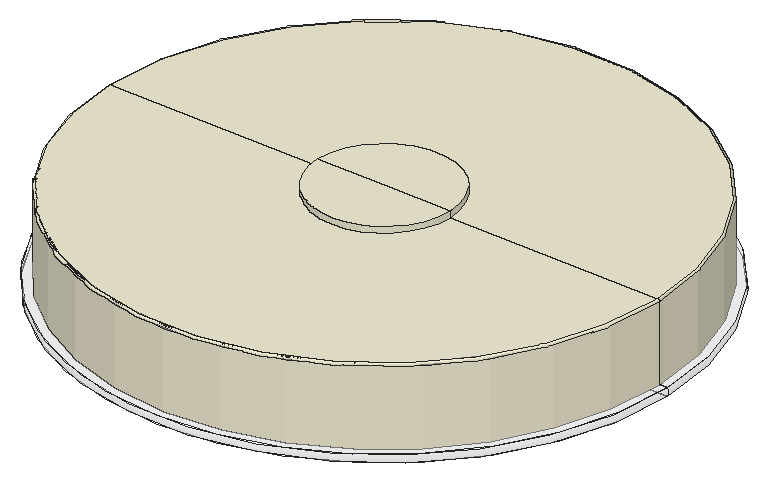
Revit family "32-664-xx Dione Ceiling mount", category Lighting Fixtures, host Ceiling, Revit 2018
Family settings
  Host = Ceiling
  Round Connector Dimension = Use Diameter
  Part Type = Normal
  OmniClass Number = 23.80.70.11
  OmniClass Title = Luminaries for Internal Lighting
  Always vertical = Yes
  Cut with Voids When Loaded = No
  Light Source = Yes
  Shared = No
  Room Calculation Point = No
Parameters (values of type "32-664-24b / Satin Nickel - Frosted Glass")
  Wattage Comments = "1 x 9.9 W at 120 V"  # constant formula
  Wattage = 9.2903 W
  built-in parameter 1150110 = 1 (stored number, unit not read)
  Voltage Input = "120 V or 277 V - 50/60 Hz"  # constant formula
  Voltage = 120 V
  URL = "www.oxygenlighting.com"
  built-in parameter 1114217 = 1 (stored number, unit not read)
  built-in parameter 1150109 = 1 (stored number, unit not read)
  built-in parameter 1150134 = (empty or 0)
  built-in parameter 1150113 = 1 (stored number, unit not read)
  References = "Ref. 3 = 120 V / Ref. 37 = 277 V"  # constant formula
  Model = "32-664-xx / Dione Ceiling Mount"  # constant formula
  Metal Finish = 24 - Satin Nickel
  Manufacturer = "Oxygen Lighting and Fans"  # constant formula
  Main Diffuser = Frosted Glass
  Lumens = 1380 lm
  built-in parameter 1150115 = 1 (stored number, unit not read)
  built-in parameter 1150105 = 109.82 (stored number, unit not read)
  Light Source Symbol Size = 24.00"
  built-in parameter 1150137 = (empty or 0)
  built-in parameter 1150139 = (empty or 0)
  built-in parameter 1150112 = 1 (stored number, unit not read)
  built-in parameter 1150114 = 1 (stored number, unit not read)
  Lamp = "LED Array"  # constant formula
  built-in parameter 1150132 = 2
  built-in parameter 1150102 = (empty or 0)
  built-in parameter 1150138 = (empty or 0)
  built-in parameter 1150107 = 3000 (stored number, unit not read)
  built-in parameter 1150106 = 1.0982 (stored number, unit not read)
  built-in parameter 1150104 = 13.8 (stored number, unit not read)
  Dimming Lamp Color Temperature Shift = <None>
  Color Filter = 16777215
  built-in parameter 1114218 = 1 (stored number, unit not read)
  built-in parameter 1150133 = 10 (stored number, unit not read)
Reference planes (in)
  plane 1 "Light Source Axis (F/B)": y = 0
  plane 2: z = 0
  plane 3 "Light Source Axis (L/R)": x = 0
  plane 4 "Ceiling": z = 157.48031
  plane 5 "Light Source Elevation": z = 156.1378
Dimensions and locks (in)
  equal spacing: host sketch curve, plane 3 "Light Source Axis (L/R)", host sketch curve
  equal spacing: host sketch curve, plane 1 "Light Source Axis (F/B)", host sketch curve
  host sketch curve to host sketch curve = 157.48031"  (x2)
  plane 4 "Ceiling" to host ceiling = 0.00"
  locked: plane 5 "Light Source Elevation" to plane 4 "Ceiling" at 1.34252
  aligned and locked: plane 3 "Light Source Axis (L/R)" to imposter light
  aligned and locked: plane 1 "Light Source Axis (F/B)" to imposter light
  aligned and locked: plane 5 "Light Source Elevation" to imposter light
  aligned and locked: plane 3 "Light Source Axis (L/R)" to nested 1
  aligned and locked: plane 1 "Light Source Axis (F/B)" to nested 1
  aligned and locked: nested 1 to plane 4 "Ceiling"
Nested families (in)
  nested 1: "Base" at (0, 0, 157.48031), type "Base"
Connectors (in)
  electrical at (0, 0, 157.48031), driven by "Voltage"
    settings: on nested 1, index 1, voltage 120 V, apparent load 0 VA, apparent load phase1 0 VA, apparent load phase2 0 VA, apparent load phase3 0 VA, power factor 1, load classification "Other", number of poles 1, system type 31, power factor state 1, is connector primary yes, connector utility no, sub classification motor no, connector description ""
Definition of nested family "Base"
  Parameters (values of type "Base")
    Metal Finish = none
    Main Diffuser = none
  Reference planes (in)
    plane 1 "Center (Front/Back)": y = 0
    plane 2: z = 0
    plane 3 "Center (Left/Right)": x = 0
  Forms (in)
    Revolve 1, solid, material <- "Metal Finish"
      sketch origin (0, 0, -157.48031) x (1, 0, 0) y (0, 0, 1)
        loop
          line (0, 157.48031) -> (0, 157.24491) -> (7.11126, 157.24491) -> (7.11126, 155.32698) -> (7.19, 155.32698) -> (7.19, 157.27365)
          arc (7.19, 157.27365) -> (7.17536, 157.309) -> (7.14, 157.32365) r 0.05
          line (7.14, 157.32365) -> (1.72667, 157.32365) -> (1.72667, 157.48031) -> (0, 157.48031)
        axis (0, 155.32698) -> (0, 157.48031)
      angle from 0 to 360
    Revolve 2, solid, material <- "Main Diffuser"
      sketch origin (0, 0, -157.48031) x (1, 0, 0) y (0, 0, 1)
        loop
          line (0, 155.32698) -> (0, 155.12698) -> (7.42, 155.12698)
          arc (7.42, 155.12698) -> (7.43667, 155.22698) -> (7.42, 155.32698) r 0.30833
          line (7.42, 155.32698) -> (0, 155.32698)
        axis (0, 155.12698) -> (0, 155.32698)
      angle from 0 to 360
    Revolve 3, solid, material <- "Metal Finish"
      sketch origin (0, 0, -157.48031) x (1, 0, 0) y (0, 0, 1)
        loop
          line (0.36, 155.06698) -> (0.36, 155.12698) -> (0, 155.12698) -> (0, 154.99031) -> (2.73667, 154.99031)
          arc (2.73667, 154.99031) -> (2.75904, 155.02865) -> (2.73667, 155.06698) r 0.04403
          line (2.73667, 155.06698) -> (0.36, 155.06698)
        axis (0, 154.99031) -> (0, 155.12698)
      angle from 0 to 360
  Dimensions and locks (in)
    aligned and locked: level to plane 2
